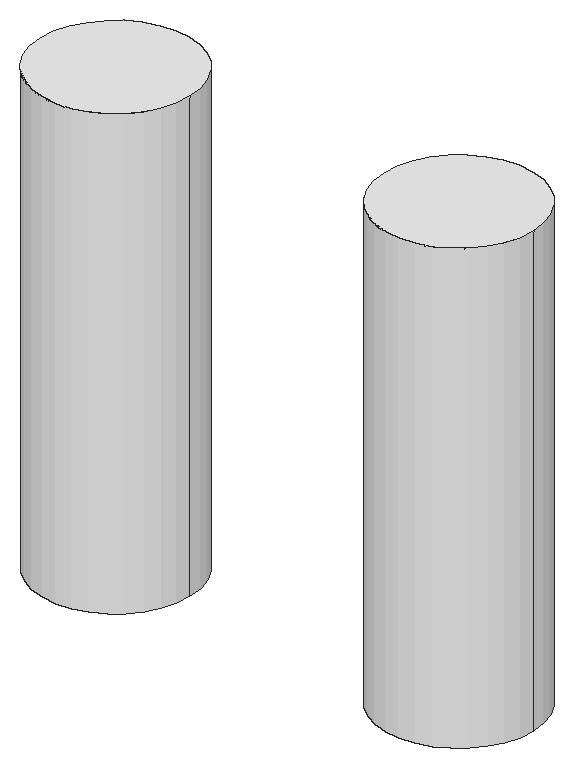
Revit family "524222630005(2022)", category Plumbing Fixtures, Revit 2020
Family settings
  Round Connector Dimension = Use Diameter
  Part Type = Normal
  OmniClass Number = 23.45.55.00
  OmniClass Title = Sanitary Faucets, Wastes
  Work Plane-Based = No
  Always vertical = Yes
  Cut with Voids When Loaded = No
  Shared = No
  Room Calculation Point = No
Parameters (values of type "524222630005 Washbasin faucet")
  Working Pressure = "50 - 1000 kPa"
  WarrantyStartDate [instance] = "n/a"
  WarrantyGuarantorParts = "n/a"
  WarrantyGuarantorLabor = "n/a"
  WarrantyDurationUnit = "Year"
  WarrantyDurationParts = "n/a"
  WarrantyDurationLabor = "n/a"
  WarrantyDescription = "http://warranty.hansa.com"
  Warranty Information URL = "http://warranty.hansa.com"
  VersionDate = "01/06/2023"
  Version = "1"  # constant formula
  ValvePattern = "n/a"
  ValveOperation = "n/a"
  ValveMechanism = "n/a"
  Uniclass2015Reference = "Pr_40_20_87_96"
  Uniclass2015Description = "Washbasin manual water supply sets"
  Uniclass2 = "Pr_40_30_96_96"
  URL UWL = "http://static.hansa.com/UWL/524222630005"
  URL REACH = "http://static.hansa.com/doc/reach"
  URL Materials Declaration = "http://www.hansa.com/fileadmin/resources/169264_524222630005_materialsdeclaration.pdf"
  URL Environmental Product Declaration EPD = "http://www.hansa.com/fileadmin/resources/181439_Oras Group EPD_Washbasin faucet.pdf"
  URL EcoLabel Declaration = "http://static.hansa.com/doc/EcoLabel"
  URL EU Packaging Declaration = "http://static.hansa.com/doc/packaging"
  URL Declaration of SCIP = "http://static.hansa.com/doc/SCIP"
  URL Declaration of Conformity = "http://static.hansa.com/DoC/524222630005"
  URL Declaration of Asbestos = "http://static.hansa.com/doc/asbestos"
  URL Declaration Of Performance (DOP) = "http://static.hansa.com/doc/DoP"
  URL = ""
  UNSPSC Class Number = "30181700 Faucets or taps"
  Type Comments = ""
  TestPressure = "n/a"
  Temperature Adjustments = "Limitation option for maximum temperature and flow-rate "
  Technical DataSheet URL = "http://www.hansa.com/datasheet/524222630005/en"
  TagNumber [instance] = "n/a"
  SustainabilityPerformance = "n/a"
  Surface treatment = "Chrome"
  Spout Type = "Fixed spout"
  Spout Projection = "109 mm"
  Spare-Part Information URL = "http://static.hansa.com/sp/524222630005"
  Size = "45x145x160 mm"
  Shape = "Sculptured"
  SerialNumber [instance] = "n/a"
  Sales Package dimensions (LxWxH) = "540 x 146 x 59"
  Revision = "n/a"
  ReplacementCost = "n/a"
  ProductInformation = "n/a"
  Product URL = "http://static.hansa.com/524222630005"
  Product Image URL = "http://static.hansa.com/image/524222630005"
  Product Family = "HANSAVANTIS Eco"
  Product Code = "524222630005"
  OperatingMechanismMaterial = "n/a"
  NominalWidth = 46.441 mm
  NominalHeight = 159.171 mm
  NominalDepth = 146.2 mm
  Noise Class = "I (ISO 3822)"
  Name_en = "524222630005 Washbasin faucet"
  Name = "524222630005 Washbasin faucet"
  NBSReference = "45-35-70/371"
  NBSDescription = "Water supply fittings for wash basins and troughs"
  Mounting Holes = "1 hole"
  ModelReference = "524222630005"
  ModelNumber = "n/a"
  Model = "524222630005 Washbasin faucet"
  Mobile Product Information URL = "http://mpi.hansa.com/524222630005"
  Mechanical Parts = "30Cartridge"
  Max. Hot Water Supply = 70 °C
  Material = "brassPlastic"
  Market = "International;Germany;Austria;Belgium;Netherlands;Czech Republic;Slovakia;Italy"
  ManufacturerURL = "http://www.hansa.com"
  ManufacturerName = "HANSA"
  Manufacturer = "HANSA"
  Lever Handle = "Single operating lever/handle;Hot/Cold symbols"
  Keynote = ""
  Interactive AR View URL = "https://static.hansa.com/AR/524222630005"
  InstallationDate [instance] = "n/a"
  Installation and Maintenance Guide URL = "http://static.hansa.com/manual/524222630005"
  Installation Type = "Deck mounted"
  InletConnectionSize = 10 mm
  IfcExportType = "FAUCET"  # constant formula
  IfcExportAs = "IfcValveType"  # constant formula
  Group = "Washbasin faucet"
  Grade = "n/a"
  FlowCoefficient = 0
  Flow Rate At 300kPa With Flow Controller = 0.07 L/s
  Flow Drawing URL = "http://static.hansa.com/flowchart/524222630005"
  Finish = "Polished"
  Features = "Single-lever"
  FaucetMainMaterial = Brass
  FDV Document URL = "http://www.hansa.com/datasheet/524222630005/en/fdv"
  ExpectedLife = "n/a"
  Excluded Items = "Without pop-up waste"
  ETIM Class Number = "EC011328 Washbasin mixing tap"
  EN Standard = "EN 817"
  EAN Number = "4057304019968"
  DurationUnit = "Year"
  Dimension Drawing URL = "http://static.hansa.com/dimdrw/524222630005"
  Description = ""
  DefaultElevation [instance] = 900 mm
  Default Elevation = 0 mm
  Constituents = "n/a"
  Connection Size = "G3/8"
  Connection = "Flexible inlet pipes"
  Color = "Chrome"
  CodePerformance = "n/a"
  CloseOffRating = 0
  Catalog Drawing URL = "http://static.hansa.com/catdrw/524222630005"
  CO2 Emissions (D) = -5.06
  CO2 Emissions (C4) = 0.05
  CO2 Emissions (C3) = 0.01
  CO2 Emissions (C2) = 0.01
  CO2 Emissions (B7) = 1297.8
  CO2 Emissions (A4) = 0.2
  CO2 Emissions (A1-A3) = 7.12
  Brand = "HANSA"
  BodyMaterial = "Brass"
  Barcode [instance] = "n/a"
  Backflow Prevention EN1717 = "AA"
  BIMObjectName = "524222630005(2022)"
  Author = "BIMStone"
  AssetType = "Fixed"
  AssetIdentifier [instance] = "n/a"
  Aerator = "PCA® - constant flow rate regardless of pressure variations"
  Advanced Features = "Inner body made of DZR brass;3S-installation system for safe and simple mounting"
  AccessibilityPerformance = "n/a"
  3D View = "https://static.hansa.com/AR/524222630005"
  2D/3D/BIM Files URL = "http://static.hansa.com/bim/524222630005"
Reference planes
  plane 1 "Center (Front/Back)": y = 0
  plane 2: z = 0
  plane 3 "Center (Left/Right)": x = 0
  plane 4: x = -23.22
  plane 5: z = 900
  plane 6: z = 870
  plane 7: y = -146.2
  plane 8: x = 23.22
  plane 9: z = 1059.171
Forms (mm)
  Extrusion 1, solid, material "Brass" <- "FaucetMainMaterial"
    sketch origin (0, -0.77, 0) x (1, 0, 0) y (0, 1, 0)
      loop
        circle (-11.5, -22.5) r 5
      loop
        circle (11.5, -22.5) r 5
    from 870 to 900
Dimensions and locks
  "DefaultElevation": plane 5 to level
  locked: plane 5 to plane 6 at 30
  "NominalDepth": plane 7 to plane 1 "Center (Front/Back)"
  equal spacing: plane 4, plane 3 "Center (Left/Right)", plane 8
  "NominalHeight": plane 9 to plane 5
  "NominalWidth": plane 4 to plane 8
  "InletConnectionSize": diameter of Extrusion 1 sketch curve  (x2)
  aligned and locked: level to plane 2
  aligned and locked: plane 5 to Extrusion 1
  aligned and locked: Extrusion 1 to plane 6
  aligned and locked: plane 3 "Center (Left/Right)" to nested 1
  aligned and locked: plane 1 "Center (Front/Back)" to nested 1
  aligned and locked: nested 2 to plane 5
  aligned and locked: plane 9 to nested 2
  aligned and locked: plane 4 to nested 2
Automatic sketch dimensions
  Extrusion 1 sketch curve to plane 3 "Center (Left/Right)" = 11.5 mm
  plane 3 "Center (Left/Right)" to Extrusion 1 sketch curve = 11.5 mm
  plane 1 "Center (Front/Back)" to Extrusion 1 sketch curve = 23.27 mm  (x2)
Nested families
  nested 1: "Symbol" at (0, 0, 0), type "Symbol", detail levels coarse
  nested 2: "524222630005(2022)_Body" at (0, 0, 900), main material <- "FaucetMainMaterial", type "524222630005(2022)_Body"
    with main material Brass
Connectors
  piping at (-11.5, -23.27, 870), diameter 10, driven by "InletConnectionSize"
    settings: on Extrusion 1, index 1, connector inside diameter 609.6 mm, connector length 0 mm, flow factor 0, pipe flow 0.2 L/s, pressure drop 0.0 Pa, fitting loss kfactor 0, connector angle 0.00°, fixture units 0, engagement length 0 mm, angle of deflection 0.00°, flow configuration 1, flow direction 1, fitting loss method 0, system type 19, joint type 0, gender type 0, connector reference index -1, connector utility 0, adjustable connector no, is connector primary yes, connector description ""
  piping at (11.5, -23.27, 870), diameter 10, driven by "InletConnectionSize"
    settings: on Extrusion 1, index 2, connector inside diameter 609.6 mm, connector length 0 mm, flow factor 0, pipe flow 0.2 L/s, pressure drop 0.0 Pa, fitting loss kfactor 0, connector angle 0.00°, fixture units 0, engagement length 0 mm, angle of deflection 0.00°, flow configuration 1, flow direction 1, fitting loss method 0, system type 20, joint type 0, gender type 0, connector reference index -1, connector utility 0, adjustable connector no, is connector primary no, connector description ""
Definition of nested family "Symbol"
  Reference planes
    plane 1: y = 0
    plane 2: x = 0
  Lines and regions (mm)
    detail lines
      curve 1: line (0, 0, 0) -> (0, -1.8, 0)
      curve 2: line (-0.4, -1.1, 0) -> (0.4, -1.1, 0)
      curve 3: line (-0.4, -1.4, 0) -> (0.4, -1.4, 0)
      curve 4: line (0.863, 0, 0) -> (-0.863, 0, 0)
      curve 5: circle (-1.163, 0, 0) r 0.3 normal (0, 0, -1)
      curve 6: circle (1.163, 0, 0) r 0.3 normal (0, 0, 1)
Definition of nested family "524222630005(2022)_Body"
  Parameters (values of type "2610F(2022).p")
    main material [instance] = none
    Default Elevation = 0 mm
  Types (2): name
    2610F(2022).p
    2611AF(2022)Body
  Reference planes
    plane 1 "Center (Front/Back)": y = 0
    plane 2: z = 0
    plane 3 "Center (Left/Right)": x = 0
    plane 4: x = -23.22
    plane 5: x = 23.117
    plane 6: y = -146.2
    plane 7: z = 159.171
  Forms (mm)
    Extrusion 1, void
      sketch origin (0, 0, 0) x (0, 1, 0) y (0, 0, 1)
        loop
          line (-70, 0) -> (-70, -34.468) -> (13.922, -34.468) -> (20, 0) -> (-70, 0)
      from -74.869 to 68.476
    Revolve 2, solid, material <- "main material", detail levels medium
      sketch origin (0, -23.237, -1.405) x (1, 0, 0) y (0, -0.173648, 0.984808)
        loop
          line (0, 159.19) -> (-23.169, 159.19) -> (-23.169, -14.871) -> (0, -14.871) -> (0, 159.19)
        axis (0, -14.871) -> (0, 159.19)
      angle from 0 to 360
    Blend 3, solid, material <- "main material", detail levels medium
      base sketch origin (0, 0, 7.5) x (1, 0, 0) y (0, 0, 1)
        loop
          circle (0, 96.034) r 15
      top sketch origin (0, 0, 7.5) x (1, 0, 0) y (0, 0, 1)
        loop
          circle (0, 76.663) r 15
      from 52.838 to 146.182
    Extrusion 4, solid, material <- "main material", detail levels medium
      sketch origin (0, 0, 0) x (0, 1, 0) y (0, 0, 1)
        loop
          line (-135.893, 141.55) -> (-134.513, 133.303) -> (-64.102, 144.595) -> (-65.426, 152.852) -> (-135.893, 141.55)
      from -13.22 to 13.22
    Extrusion 5, solid, material <- "main material", detail levels coarse
      sketch origin (0, 0, 0) x (1, 0, 0) y (0, 1, 0)
        loop
          line (23.117, -146.2) -> (23.117, 0) -> (-23.22, 0) -> (-23.22, -146.2) -> (23.117, -146.2)
      from 0 to 159.171
  Cuts and joins
    Extrusion 1 cuts Revolve 2
  Lines and regions (mm)
    symbolic lines, detail levels medium+fine
      curve 1: line (0, 0, 0) -> (-23.169, 0, 0)
      curve 2: line (-23.169, 0, 0) -> (-23.169, 0, 116.128)
      curve 3: arc (-23.169, 0, 116.128) -> (-22.834, 0, 117.054) -> (-21.985, 0, 117.552) r 1.449
      curve 4: arc (-21.985, 0, 117.552) -> (-22.469, 0, 117.839) -> (-22.877, 0, 118.225) r 2.519
      curve 5: arc (-22.877, 0, 118.225) -> (-23.036, 0, 118.437) -> (-23.169, 0, 118.667) r 2.243
      curve 27: line (0, 0, 0) -> (23.169, 0, 0)
      curve 28: line (23.169, 0, 0) -> (23.169, 0, 116.128)
      curve 29: arc (23.169, 0, 116.128) -> (22.834, 0, 117.054) -> (21.985, 0, 117.552) r 1.449
      curve 30: arc (21.985, 0, 117.552) -> (22.469, 0, 117.839) -> (22.877, 0, 118.225) r 2.519
      curve 53: arc (22.877, 0, 118.225) -> (23.089, 0, 118.402) -> (23.169, 0, 118.667) r 0.481
      curve 54: line (0, 0, 0) -> (0, -20.573, 122.315)
      curve 55: arc (0, -20.573, 122.315) -> (0, -20.786, 122.656) -> (0, -21.178, 122.746) r 0.525
      curve 56: line (0, -21.178, 122.746) -> (0, -21.773, 122.636)
      curve 57: line (0, -145.778, 97.611) -> (0, -137.942, 91.598)
      curve 58: arc (0, -117.049, 75.566) -> (0, -113.747, 74.193) -> (0, -110.201, 74.645) r 6.943
      curve 59: line (0, -110.201, 74.645) -> (0, -80.57, 79.338)
      curve 60: arc (0, -80.57, 79.338) -> (0, -65.747, 75.78) -> (0, -57.782, 62.782) r 19.918
      curve 61: line (0, -57.782, 62.782) -> (0, -47.114, 0)
      curve 62: line (0, -47.114, 0) -> (0, 0, 0)
      curve 64: line (0, -141.311, 84.814) -> (0, -123.073, 72.511)
      curve 65: line (0, -120.007, 75.268) -> (0, -118.866, 76.96)
      curve 66: line (0, -120.007, 75.268) -> (0, -120.836, 75.828)
      curve 67: line (0, -120.836, 75.828) -> (0, -123.073, 72.511)
      curve 68: line (0, -139.904, 88.689) -> (0, -137.942, 91.598)
      curve 69: line (0, -139.904, 88.689) -> (0, -139.075, 88.13)
      curve 70: line (0, -139.075, 88.13) -> (0, -141.311, 84.814)
      curve 71: arc (0, -145.193, 100.04) -> (0, -146.275, 99.016) -> (0, -145.778, 97.611) r 1.367
      curve 72: arc (0, -26.429, 130.087) -> (0, -23.885, 126.497) -> (0, -21.773, 122.636) r 37.916
      curve 76: arc (0, -66.261, 117.223) -> (0, -66.606, 117.278) -> (0, -66.848, 117.53) r 0.551
      curve 77: arc (0, -65.043, 117.423) -> (0, -65.389, 116.049) -> (0, -65.475, 114.635) r 7.655
      curve 78: line (0, -66.848, 117.53) -> (0, -70.36, 138.216)
      curve 79: arc (0, -69.891, 135.815) -> (0, -70.157, 137.069) -> (0, -70.525, 138.297) r 15.699
      curve 80: line (0, -74.319, 144.718) -> (0, -132.872, 135.1)
      curve 81: arc (0, -132.872, 135.1) -> (0, -134.328, 135.434) -> (0, -135.131, 136.695) r 1.972
      curve 82: line (0, -134.482, 132.739) -> (0, -135.554, 139.15)
      curve 83: arc (0, -135.554, 139.15) -> (0, -135.203, 140.669) -> (0, -133.881, 141.495) r 2.036
      curve 84: line (0, -133.881, 141.495) -> (0, -68.734, 152.372)
      curve 85: line (0, -26.429, 130.087) -> (0, -22.348, 132.167)
      curve 86: line (0, -22.191, 133.054) -> (0, -26.332, 157.853)
      curve 87: arc (0, -26.332, 157.853) -> (0, -26.971, 158.877) -> (0, -28.147, 159.149) r 1.577
      curve 89: line (0, -68.734, 152.372) -> (0, -28.147, 159.149)
      curve 90: line (0, -65.475, 114.635) -> (0, -145.193, 100.04)
      curve 91: line (0, -65.043, 117.423) -> (0, -66.261, 117.223)
      curve 94: line (0, -118.866, 76.96) -> (0, -117.049, 75.566)
      curve 96: arc (0, -22.348, 132.167) -> (0, -22.138, 132.587) -> (0, -22.191, 133.054) r 0.829
      curve 97: arc (0, -70.525, 138.297) -> (0, -71.364, 142.133) -> (0, -74.319, 144.718) r 6.274
      curve 98: arc (-19.928, 0, 154.256) -> (-20.106, 0, 152.679) -> (-20.283, 0, 151.102) r 1073.501
      curve 99: arc (-23.113, 0, 122.066) -> (-23.198, 0, 120.367) -> (-23.169, 0, 118.667) r 25.376
      curve 100: arc (-17.118, 0, 157.421) -> (-19.023, 0, 156.283) -> (-19.928, 0, 154.256) r 3.681
      curve 101: arc (-0.052, 0, 159.171) -> (-8.642, 0, 158.852) -> (-17.118, 0, 157.421) r 66.038
      curve 110: arc (-20.283, 0, 151.102) -> (-21.796, 0, 136.594) -> (-23.113, 0, 122.066) r 1073.501
      curve 111: arc (19.928, 0, 154.256) -> (20.106, 0, 152.679) -> (20.283, 0, 151.102) r 1073.501
      curve 112: arc (23.113, 0, 122.066) -> (23.198, 0, 120.367) -> (23.169, 0, 118.667) r 25.376
      curve 113: arc (17.118, 0, 157.421) -> (19.023, 0, 156.283) -> (19.928, 0, 154.256) r 3.681
      curve 114: arc (0.052, 0, 159.171) -> (8.642, 0, 158.852) -> (17.118, 0, 157.421) r 66.038
      curve 121: arc (20.283, 0, 151.102) -> (21.796, 0, 136.594) -> (23.113, 0, 122.066) r 1073.501
      curve 124: line (-23.22, -23.22, 0) -> (-23.22, -50.88, 0)
      curve 125: line (23.117, -23.22, 0) -> (23.117, -50.88, 0)
      curve 126: arc (23.117, -50.88, 0) -> (22.035, -57.878, 0) -> (18.891, -64.222, 0) r 23.169
      curve 127: arc (23.117, -23.22, 0) -> (-0.052, -0.052, 0) -> (-23.22, -23.22, 0) r 23.169
      curve 130: line (-15.621, -130.579, 0) -> (-15.621, -95.333, 0)
      curve 132: line (15.621, -130.579, 0) -> (15.621, -95.333, 0)
      curve 133: arc (15.621, -130.579, 0) -> (0, -146.2, 0) -> (-15.621, -130.579, 0) r 15.621
      curve 135: arc (-18.873, -64.392, 0) -> (-22.107, -57.977, 0) -> (-23.22, -50.88, 0) r 23.169
      curve 137: line (-15.621, -95.333, 0) -> (-18.873, -64.392, 0)
      curve 138: line (15.621, -95.333, 0) -> (18.891, -64.222, 0)
    symbolic lines, detail levels fine
      curve 6: arc (-21.985, 0, 117.552) -> (-11.101, 0, 115.319) -> (0, 0, 114.881) r 68.239
      curve 7: arc (-22.568, 0, 115.328) -> (-21.872, 0, 114.903) -> (-21.122, 0, 114.584) r 5.568
      curve 8: arc (-23.169, 0, 116.128) -> (-22.93, 0, 115.682) -> (-22.568, 0, 115.328) r 1.666
      curve 9: line (-15.364, 0, 95.574) -> (-15.364, 0, 85.574)
      curve 10: arc (-15.364, 0, 85.574) -> (-14.519, 0, 80.931) -> (-12.093, 0, 76.883) r 13.18
      curve 11: line (-12.093, 0, 76.883) -> (-12.093, 0, 81.386)
      curve 12: arc (-12.093, 0, 81.386) -> (-11.238, 0, 84.487) -> (-8.915, 0, 86.711) r 6.051
      curve 13: arc (-8.915, 0, 86.711) -> (-4.594, 0, 88.504) -> (0, 0, 89.39) r 23.116
      curve 14: arc (-12.093, 0, 81.386) -> (-12.315, 0, 86.225) -> (-10.27, 0, 90.617) r 10.159
      curve 15: arc (-10.27, 0, 90.617) -> (-5.695, 0, 94.256) -> (0, 0, 95.574) r 13.255
      curve 16: arc (-11.937, 0, 93.032) -> (-6.412, 0, 96.541) -> (0, 0, 97.855) r 18.096
      curve 17: arc (-15.364, 0, 85.463) -> (-14.414, 0, 89.593) -> (-11.937, 0, 93.032) r 10.719
      curve 18: arc (-11.216, 0, 104.779) -> (-14.279, 0, 100.622) -> (-15.364, 0, 95.574) r 12.287
      curve 19: arc (0, 0, 108.974) -> (-5.996, 0, 107.914) -> (-11.216, 0, 104.779) r 16.73
      curve 20: arc (-10.542, 0, 73.586) -> (-11.686, 0, 75.061) -> (-12.093, 0, 76.883) r 4.28
      curve 21: arc (0, 0, 70.246) -> (-5.596, 0, 70.89) -> (-10.542, 0, 73.586) r 14.743
      curve 22: arc (-12.093, 0, 76.883) -> (-11.717, 0, 78.648) -> (-10.656, 0, 80.107) r 4.334
      curve 23: arc (-10.656, 0, 80.107) -> (-7.921, 0, 81.984) -> (-4.796, 0, 83.094) r 12.763
      curve 24: line (-4.796, 0, 83.094) -> (-4.796, 0, 85.812)
      curve 25: arc (-4.796, 0, 85.812) -> (-2.415, 0, 86.244) -> (0, 0, 86.4) r 21.082
      curve 26: arc (-4.796, 0, 83.094) -> (-2.41, 0, 82.735) -> (0, 0, 82.626) r 23.146
      curve 31: arc (21.985, 0, 117.552) -> (11.101, 0, 115.319) -> (0, 0, 114.881) r 68.239
      curve 32: arc (22.568, 0, 115.328) -> (21.872, 0, 114.903) -> (21.122, 0, 114.584) r 5.568
      curve 33: arc (23.169, 0, 116.128) -> (22.93, 0, 115.682) -> (22.568, 0, 115.328) r 1.666
      curve 34: line (15.364, 0, 95.574) -> (15.364, 0, 85.574)
      curve 35: arc (15.364, 0, 85.574) -> (14.519, 0, 80.931) -> (12.093, 0, 76.883) r 13.18
      curve 36: line (12.093, 0, 76.883) -> (12.093, 0, 81.386)
      curve 37: arc (12.093, 0, 81.386) -> (11.238, 0, 84.487) -> (8.915, 0, 86.711) r 6.051
      curve 38: arc (8.915, 0, 86.711) -> (4.594, 0, 88.504) -> (0, 0, 89.39) r 23.116
      curve 39: arc (12.093, 0, 81.386) -> (12.315, 0, 86.225) -> (10.27, 0, 90.617) r 10.159
      curve 40: arc (10.27, 0, 90.617) -> (5.695, 0, 94.256) -> (0, 0, 95.574) r 13.255
      curve 41: arc (11.937, 0, 93.032) -> (6.412, 0, 96.541) -> (0, 0, 97.855) r 18.096
      curve 42: arc (15.364, 0, 85.463) -> (14.414, 0, 89.593) -> (11.937, 0, 93.032) r 10.719
      curve 43: arc (11.216, 0, 104.779) -> (14.279, 0, 100.622) -> (15.364, 0, 95.574) r 12.287
      curve 44: arc (0, 0, 108.974) -> (5.996, 0, 107.914) -> (11.216, 0, 104.779) r 16.73
      curve 45: arc (10.542, 0, 73.586) -> (11.686, 0, 75.061) -> (12.093, 0, 76.883) r 4.28
      curve 46: arc (0, 0, 70.246) -> (5.596, 0, 70.89) -> (10.542, 0, 73.586) r 14.743
      curve 47: arc (12.093, 0, 76.883) -> (11.717, 0, 78.648) -> (10.656, 0, 80.107) r 4.334
      curve 48: arc (10.656, 0, 80.107) -> (7.921, 0, 81.984) -> (4.796, 0, 83.094) r 12.763
      curve 49: line (4.796, 0, 83.094) -> (4.796, 0, 85.812)
      curve 50: arc (4.796, 0, 85.812) -> (2.415, 0, 86.244) -> (0, 0, 86.4) r 21.082
      curve 51: arc (4.796, 0, 83.094) -> (2.41, 0, 82.735) -> (0, 0, 82.626) r 23.146
      curve 52: arc (-21.122, 0, 114.584) -> (0, 0, 111.083) -> (21.122, 0, 114.584) r 65.459
      curve 63: arc (0, -57.782, 62.782) -> (0, -52.869, 89.491) -> (0, -54.882, 116.575) r 106.335
      curve 73: line (0, -26.429, 130.087) -> (0, -42.457, 121.709)
      curve 74: arc (0, -42.457, 121.709) -> (0, -44.237, 120.964) -> (0, -46.118, 120.534) r 11.28
      curve 75: line (0, -46.118, 120.534) -> (0, -65.043, 117.423)
      curve 88: arc (0, -69.891, 135.815) -> (0, -68.227, 144.018) -> (0, -68.734, 152.372) r 32.195
      curve 92: line (0, -21.773, 122.636) -> (0, -54.882, 116.575)
      curve 93: line (0, -54.882, 116.575) -> (0, -65.475, 114.635)
      curve 95: line (0, -137.942, 91.598) -> (0, -118.866, 76.96)
      curve 102: line (-19.928, 0, 154.256) -> (-12.351, 0, 141.646)
      curve 103: arc (-12.351, 0, 141.646) -> (-12.097, 0, 141.356) -> (-11.757, 0, 141.174) r 1.083
      curve 104: arc (-11.757, 0, 141.174) -> (-9.465, 0, 140.539) -> (-7.126, 0, 140.112) r 26.547
      curve 105: arc (-7.126, 0, 140.112) -> (-3.571, 0, 139.76) -> (0, 0, 139.669) r 48.538
      curve 106: line (-20.283, 0, 151.102) -> (-12.351, 0, 137.901)
      curve 107: arc (-11.757, 0, 137.428) -> (-9.465, 0, 136.794) -> (-7.126, 0, 136.367) r 26.547
      curve 108: arc (-7.126, 0, 136.367) -> (-3.571, 0, 136.014) -> (0, 0, 135.924) r 48.538
      curve 109: arc (-12.351, 0, 137.901) -> (-12.097, 0, 137.611) -> (-11.757, 0, 137.428) r 1.083
      curve 115: line (19.928, 0, 154.256) -> (12.351, 0, 141.646)
      curve 116: arc (11.757, 0, 141.174) -> (9.465, 0, 140.539) -> (7.126, 0, 140.112) r 26.547
      curve 117: arc (7.126, 0, 140.112) -> (3.571, 0, 139.76) -> (0, 0, 139.669) r 48.538
      curve 118: line (20.283, 0, 151.102) -> (12.351, 0, 137.901)
      curve 119: arc (11.757, 0, 137.428) -> (9.465, 0, 136.794) -> (7.126, 0, 136.367) r 26.547
      curve 120: arc (7.126, 0, 136.367) -> (3.571, 0, 136.014) -> (0, 0, 135.924) r 48.538
      curve 122: arc (12.351, 0, 141.646) -> (12.097, 0, 141.356) -> (11.757, 0, 141.174) r 1.083
      curve 123: arc (12.351, 0, 137.901) -> (12.097, 0, 137.611) -> (11.757, 0, 137.428) r 1.083
      curve 128: arc (-23.22, -50.88, 0) -> (-0.052, -27.712, 0) -> (23.117, -50.88, 0) r 23.169
      curve 129: line (-12.451, -125.493, 0) -> (-15.621, -95.333, 0)
      curve 131: line (12.451, -125.493, 0) -> (15.621, -95.333, 0)
      curve 134: arc (12.451, -125.493, 0) -> (0, -136.704, 0) -> (-12.451, -125.493, 0) r 12.519
      curve 136: arc (18.891, -64.222, 0) -> (0.053, -74.049, 0) -> (-18.873, -64.392, 0) r 23.169
  Dimensions and locks
    aligned and locked: level to plane 2
